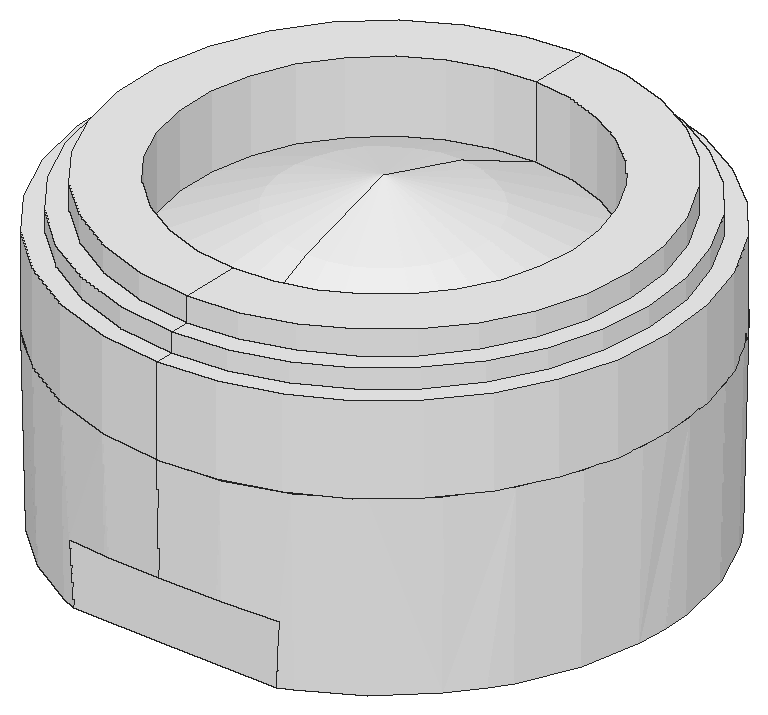
Revit family "PRD_FrankeWS_WshbsnSpts_F3Aerator_ASXX1008", category Specialty Equipment, Revit 2018
Family settings
  Round Connector Dimension = Use Diameter
  Part Type = Normal
  OmniClass Number = 23.45.05.14.99
  OmniClass Title = Other Sanitary Washing Plumbing Fixtures
  Work Plane-Based = Yes
  Always vertical = No
  Cut with Voids When Loaded = No
  Shared = No
  Room Calculation Point = No
Parameters (values of type "ASXX1008")
  WarrantyStartDate [instance] = "1900-12-31T23:59:59"
  WarrantyGuarantorParts = "n/a"
  WarrantyGuarantorLabor = "n/a"
  WarrantyDurationUnit = "year"
  WarrantyDurationParts = "n/a"
  WarrantyDurationLabor = "n/a"
  WarrantyDescription = "n/a"
  Version = "1"
  Uniclass2015Version = "Products v1.23"
  Uniclass2015Title = "Washbasin spouts"
  Uniclass2015Code = "Pr_40_20_87_97"
  URL = "www.kwc.com"
  TailorMade = "No"
  TagNumber [instance] = "n/a"
  SustainabilityPerformance = "n/a"
  Status = "New"
  Size = "n/a"
  Shape = "n/a"
  SerialNumber [instance] = "n/a"
  Revision = "n/a"
  ReplacementCost = "n/a"
  Reference = "n/a"
  QuantityUom = "Pieces"
  Quantity = "10"
  ProductInformation = "https://pim.kwc.com/product/2030041424/attachment/datasheet?locale=en"
  ProductCode = "208.0599.665"
  NominalWidth = 0 mm
  NominalLength = 0 mm
  NominalHeight = 0 mm
  NominalDepth = 0 mm
  NetWeight = 0.12 kg
  Name = "F3 3.0 l/min. aerator ASXX1008"
  NBSTypeID = "n/a"
  NBSReference = "n/a"
  NBSOfficeMasterTag = "n/a"
  NBSNote = "n/a"
  NBSDescription = "n/a"
  NBSCertification = "n/a"
  ModelReference = "ASXX1008"
  ModelNumber = "2030041424"
  Model = ModelReference  # "ASXX1008"
  Material = "n/a"
  ManufacturerURL = "www.kwc.com"
  ManufacturerName = "KWC Group AG"  # constant formula
  Manufacturer = ManufacturerName  # "KWC Group AG"
  IntegralAccessories = "n/a"
  InstallationDate [instance] = "1900-12-31T23:59:59"
  IfcExportType = "USERDEFINED"
  IfcExportAs = "IfcSanitaryTerminalType"
  GrossWeight = 0.125 kg
  Grade = "n/a"
  Finish = "n/a"
  Features = "integrated flow rate regulator 3.0 l/min"
  ExpectedLife = "n/a"
  DurationUnit = "year"
  Description = "Aerator M 24 x 1, with integrated flow rate regulator 3.0 l/min. Packing unit 10 pieces"
  Default Elevation = 1219.2 mm
  CreatedOn = "04/2022"  # constant formula
  Constituents = "n/a"
  Color = "n/a"
  CodePerformance = "n/a"
  Category = "Pr_40_20_87_97, Washbasin spouts"
  BodyMaterial = PRD_AR_ChromatedBrass_HighPolished
  BarCode [instance] = "n/a"
  BIMObjectName = "PRD_AR_WashbasinSpouts_F3Aerator_ASXX1008"
  Author = "Archispace"  # constant formula
  AssetType = "Fixed"
  AssetIdentifier [instance] = "n/a"
  AccessibilityPerformance = "n/a"
Reference planes
  plane 1 "Center (Front/Back)": y = 0
  plane 2: z = 0
  plane 3 "Center (Left/Right)": x = 0
Forms (mm)
  Revolve 1, solid, material "PRD_AR_ChromatedBrass_HighPolished" <- "BodyMaterial", detail levels fine
    sketch origin (0, 0, 0) x (0, 1, 0) y (0, 0, 1)
      loop
        line (0, 0) -> (9.5, 0) -> (9.5, 1) -> (11.833, 1) -> (12, 8.5) -> (12, 12.2) -> (11.2, 12.2) -> (11.2, 13) -> (10.4, 13) -> (10.4, 14) -> (8, 14) -> (8, 10.972)
        arc (8, 10.972) -> (4.108, 12.772) -> (0, 14) r 30
        line (0, 14) -> (0, 0)
      axis (0, 14) -> (0, 0)
    angle from 0 to 360
  Extrusion 2, void
    sketch origin (0, 0, 0) x (0, 1, 0) y (0, 0, 1)
      loop
        line (11.033, 1) -> (12.309, 1) -> (12.309, 4.256) -> (11.033, 3.519) -> (11.033, 1)
      loop
        line (-11.033, 1) -> (-11.033, 3.519) -> (-12.309, 4.256) -> (-12.309, 1) -> (-11.033, 1)
    from -12.785 to 12.615
  Revolve 3, solid, material "PRD_AR_ChromatedBrass_HighPolished" <- "BodyMaterial", detail levels coarse+medium
    sketch origin (0, 0, 0) x (1, 0, 0) y (0, 0, 1)
      loop
        line (0, 14) -> (-12, 14) -> (-12, 0) -> (0, 0) -> (0, 14)
      axis (0, 14) -> (0, 0)
    angle from 0 to 360
Cuts and joins
  Extrusion 2 cuts Revolve 1
Dimensions and locks
  aligned and locked: level to plane 2
